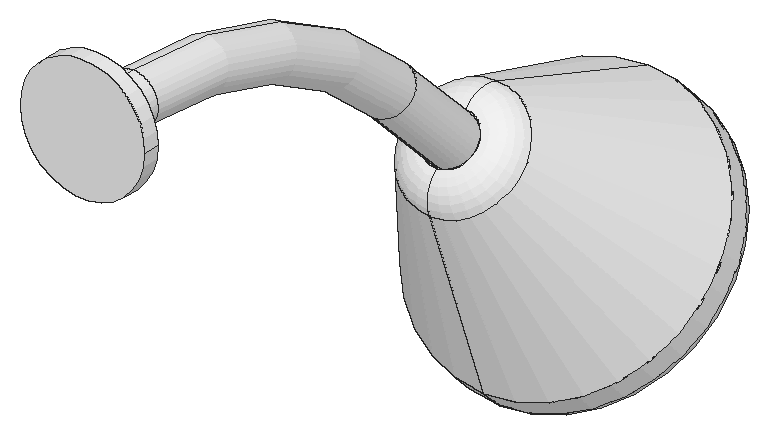
Revit family
Parameters
  Mounting Height = 1600 mm
  Material Shower Head = Metal - Chrome Polished
Reference planes
  plane 1 "Center (Front/Back)": y = 0
  plane 2: z = 0
  plane 3 "Center (Left/Right)": x = 0
  plane 4: z = 1600
Forms (mm)
  Sweep 1, solid, material "Metal - Chrome Polished" <- "Material Shower Head"
    path origin (0, 0, 0) x (0, 1, 0) y (0, 0, 1)
      loop
        line (6.482, 1600) -> (25.442, 1600)
        arc (25.442, 1600) -> (94.325, 1586.298) -> (152.721, 1547.279) r 180
        line (152.721, 1547.279) -> (184.541, 1515.459)
    profile origin (0, 15.962, 1600) x (0, 0, 1) y (1, 0, 0)
      loop
        circle (0, 0) r 10
  Revolve 2, solid, material "Metal - Chrome Polished" <- "Material Shower Head"
    sketch origin (0, 0, 0) x (0, 1, 0) y (0, 0, 1)
      loop
        line (184.541, 1515.459) -> (177.156, 1508.074)
        arc (177.156, 1508.074) -> (173.118, 1500.714) -> (173.667, 1492.338) r 15
        line (173.667, 1492.338) -> (201.18, 1416.745) -> (208.251, 1409.674)
        arc (208.251, 1409.674) -> (211.787, 1408.209) -> (215.322, 1409.674) r 5
        line (215.322, 1409.674) -> (217.026, 1411.377) -> (215.611, 1412.791) -> (251.41, 1448.59) -> (184.541, 1515.459)
      axis (184.541, 1515.459) -> (252.824, 1447.176)
    angle from 0 to 360
  Extrusion 3, solid, material "Metal - Chrome Polished" <- "Material Shower Head"
    sketch origin (0, 0, 0) x (1, 0, 0) y (0, 0, 1)
      loop
        circle (0, 1600) r 25
    from 0 to -6.482
Dimensions and locks
  "Mounting Height": level to plane 4
  aligned: Sweep 1 sketch curve to Extrusion 3
Automatic sketch dimensions
  Sweep 1 sketch curve to plane 3 "Center (Left/Right)" = 0 mm
  Sweep 1 sketch curve to profile plane = 0 mm
  plane 4 to Revolve 2 sketch curve = 107.662 mm
  Revolve 2 sketch curve to plane 1 "Center (Front/Back)" = 173.667 mm
  plane 4 to Revolve 2 sketch curve = 91.926 mm
  Revolve 2 sketch curve to Revolve 2 sketch curve = 3.489 mm
  plane 4 to Revolve 2 sketch curve = 84.541 mm  (x2)
  Revolve 2 sketch curve to Revolve 2 sketch curve = 7.385 mm
  Revolve 2 sketch curve to Revolve 2 sketch curve = 0 mm
  Revolve 2 sketch curve to Revolve 2 sketch curve = 10.607 mm
  Revolve 2 sketch curve to Revolve 2 sketch curve = 27.513 mm
  Revolve 2 sketch curve to Revolve 2 sketch curve = 7.071 mm  (x2)
  Revolve 2 sketch curve to Revolve 2 sketch curve = 3.536 mm  (x2)
  Revolve 2 sketch curve to Revolve 2 sketch curve = 0.289 mm
  Revolve 2 sketch curve to Revolve 2 sketch curve = 1.414 mm
  Revolve 2 sketch curve to Revolve 2 sketch curve = 35.799 mm
  Revolve 2 sketch curve to Revolve 2 sketch curve = 49.803 mm  (x2)
  Revolve 2 sketch curve to Revolve 2 sketch curve = 0.418 mm
  Extrusion 3 sketch curve to plane 3 "Center (Left/Right)" = 0 mm
  Extrusion 3 sketch curve to plane 4 = 0 mm
  Sweep 1 sketch curve to plane 4 = 0 mm
  Sweep 1 sketch curve to plane 1 "Center (Front/Back)" = 6.482 mm
  Sweep 1 sketch curve to Sweep 1 sketch curve = 18.959 mm
  plane 4 to Sweep 1 sketch curve = 52.721 mm
  Sweep 1 sketch curve to Sweep 1 sketch curve = 127.279 mm
  plane 4 to Sweep 1 sketch curve = 84.541 mm
  Sweep 1 sketch curve to Sweep 1 sketch curve = 31.82 mm
  radius of Sweep 1 sketch curve = 10 mm
  radius of Extrusion 3 sketch curve = 25 mm
